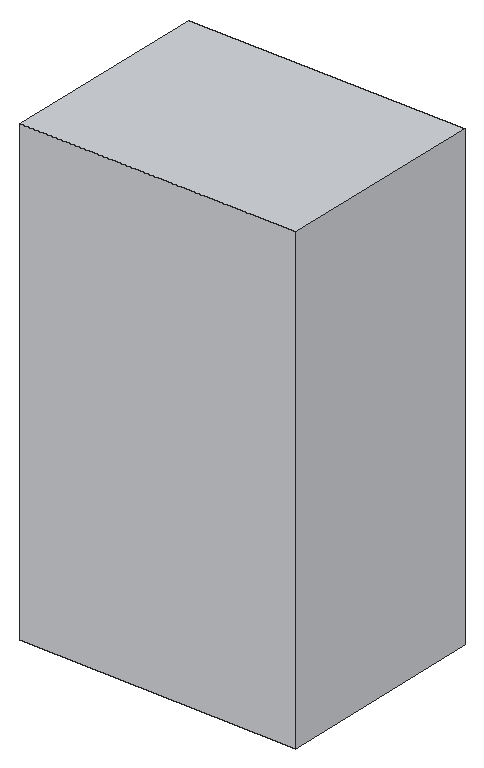
Revit family
Parameters
  Warranty Duration (Years) = 0
  URL = "http://www.americanspecialties.com/viewCategories.cfm"
  Body Material = Metal - Aluminum
  Test Data = ""
  Specification = "http://www.arcat.com/sdspecs/htm/10810asi.htm"
  SpecWizard = ""
  Send Message = "http://www.arcat.com/users.pl?action=UserEmail&company=American%20Specialties,%20Inc.&coid=30448&rep=139&fax=914-476-0688&mf="
  Sales Information = "http://www.americanspecialties.com/contact"
  Revision = "R1_10-2010"
  Product Properties = "http://www.americanspecialties.com/datasheets/0264-1.pdf"
  Product Data = "http://www.arcat.com/arcatcos/cos30/arc30448.html"
  Model = "As Specified in 10 28 13"
  Manufacturer Website = "http://www.americanspecialties.com/viewCategories.cfm"
  Manufacturer Phone - Toll Free = ""
  Manufacturer Phone = "914-476-9000 "
  Manufacturer Fax = "914-476-0688"
  Manufacturer Address = "441 Saw Mill River Rd., Yonkers, NY 10701"
  Manufacturer = "American Specialties, Inc."
  Maintenance Schedule (Months) = 0
  Keynote = "10 28 13"
  Installation-Fabrication = "http://www.americanspecialties.com/products.cfm"
  Green Building-LEED = ""
  Expected Lifespan (Years) = 0
  Drawn By = "Robert S. Weygant. CSI, CDT, SCIP"  # constant formula
  Description = "Toilet Accessory as Specified in 10 28 13"
  Trim Material = Metal - Aluminum
  Default Elevation = 4' - 0"
  Copyright = "©Arcat Inc."
  Construction Details = "http://www.arcat.com/green/clients/leed_data_30448.html"
  Building Codes = "http://www.americanspecialties.com/products.cfm"
  Assembly Code = "C1030210"
Reference planes (in)
  plane 1 "Floor Line": z = 0
  plane 2 "Center (Left/Right)": x = -0.65843
  plane 3: x = -7.15843
  plane 4: x = 5.84157
  plane 5: y = 0.08388
Forms (in)
  Extrusion 1, solid
    sketch origin (-3.65843, -10.3328, -6) x (0, 0, -1) y (1, 0, 0)
      loop
        line (-82, 26) -> (-82, -19.34712) -> (-6, -19.34712) -> (-6, 26) -> (-82, 26)
    from 9 to -25.60721
  Extrusion 2, solid, material "Metal - Aluminum" <- "Body Material"
    sketch origin (-0.65843, -1.25, 0) x (0, 1, 0) y (0, 0, 1)
      loop
        line (1.45888, 0) -> (1.45888, 3.96999)
        arc (1.45888, 3.96999) -> (1.45004, 3.98612) -> (1.43169, 3.98732) r 0.01912
        line (1.43169, 3.98732) -> (1.05702, 3.81261)
        arc (1.05702, 3.81261) -> (1.03196, 3.79139) -> (1.02113, 3.76038) r 0.06243
        line (1.02113, 3.76038) -> (0.81134, 0.76024)
        arc (0.81134, 0.76024) -> (0.64864, 0.44093) -> (0.31408, 0.3125) r 0.5
        line (0.31408, 0.3125) -> (-0.16726, 0.3125)
        arc (-0.16726, 0.3125) -> (-0.25484, 0.27622) -> (-0.29112, 0.18864) r 0.12386
        line (-0.29112, 0.18864) -> (-0.29112, 0) -> (1.45888, 0)
    from -6.5 to 6.5
  Extrusion 3, void
    sketch origin (0, -1.54112, 0) x (1, 0, 0) y (0, 0, 1)
      loop
        line (5.46657, 4) -> (-0.28201, 4) -> (0.14061, 0.99291)
        arc (0.14061, 0.99291) -> (0.30771, 0.68515) -> (0.63574, 0.5625) r 0.5
        line (0.63574, 0.5625) -> (4.54881, 0.5625)
        arc (4.54881, 0.5625) -> (4.87684, 0.68515) -> (5.04395, 0.99291) r 0.5
        line (5.04395, 0.99291) -> (5.46657, 4)
      loop
        line (-6.78343, 4) -> (-6.36082, 0.99291)
        arc (-6.36082, 0.99291) -> (-6.19371, 0.68515) -> (-5.86568, 0.5625) r 0.5
        line (-5.86568, 0.5625) -> (-1.95261, 0.5625)
        arc (-1.95261, 0.5625) -> (-1.62458, 0.68515) -> (-1.45747, 0.99291) r 0.5
        line (-1.45747, 0.99291) -> (-1.03486, 4) -> (-6.78343, 4)
    from -1.75 to -1.06286
  Extrusion 4, void
    sketch origin (-0.25, -1.5, 0) x (1, 0, 0) y (0, 1, 0)
      loop
        line (-6.90843, 0.45888) -> (-7.28343, 0.45888) -> (-7.28343, -0.41612) -> (-6.40843, -0.41612) -> (-6.40843, -0.04112)
        arc (-6.40843, -0.04112) -> (-6.76199, 0.10533) -> (-6.90843, 0.45888) r 0.5
      loop
        arc (6.09157, 0.45888) -> (5.94512, 0.10533) -> (5.59157, -0.04112) r 0.5
        line (5.59157, -0.04112) -> (5.59157, -0.41612) -> (6.46657, -0.41612) -> (6.46657, 0.45888) -> (6.09157, 0.45888)
    from 0 to 0.3125
  Extrusion 5, solid, material "Metal - Aluminum" <- "Body Material"
    sketch origin (-0.85906, -1.13894, -0.29476) x (0, 1, 0) y (0, 0, 1)
      loop
        spline (1.95944, 4) -> (1.92384, 4.19411) -> (1.81948, 4.375) -> (1.65348, 4.53033) -> (1.43713, 4.64952) -> (1.18519, 4.72444) -> (0.91482, 4.75) -> (0.64446, 4.72444) -> (0.39252, 4.64952) -> (0.17617, 4.53033) -> (0.01016, 4.375) -> (-0.0942, 4.19411) -> (-0.12979, 4)
        spline (-0.12979, 4) -> (-0.0942, 3.80589) -> (0.01016, 3.625) -> (0.17617, 3.46967) -> (0.39252, 3.35048) -> (0.64446, 3.27556) -> (0.91482, 3.25) -> (1.18519, 3.27556) -> (1.43713, 3.35048) -> (1.65348, 3.46967) -> (1.81948, 3.625) -> (1.92384, 3.80589) -> (1.95944, 4)
    from -5.42438 to -0.54938
  Revolve 6, solid, material "Metal - Aluminum" <- "Body Material"
    sketch origin (0, 3.59931, 3.70524) x (0, -1, 0) y (1, 0, 0)
      loop
        line (3.51543, -6.78343) -> (3.66895, -6.78343) -> (3.66895, -6.65843) -> (3.71482, -6.65843) -> (3.71482, -6.40843) -> (3.51543, -6.40843) -> (3.51543, -6.78343)
      axis (3.51543, -6.78343) -> (3.51543, -6.40843)
    angle from 0 to 360
  Revolve 7, solid, material "Metal - Aluminum" <- "Body Material"
    sketch origin (-1.31687, 3.59931, 3.70524) x (0, 1, 0) y (-1, 0, 0)
      loop
        line (-3.51543, -6.78343) -> (-3.51543, -6.40843) -> (-3.71482, -6.40843) -> (-3.71482, -6.65843) -> (-3.66895, -6.65843) -> (-3.66895, -6.78343) -> (-3.51543, -6.78343)
      axis (-3.51543, -6.78343) -> (-3.51543, -6.40843)
    angle from 0 to 360
  Extrusion 8, solid, material "Metal - Aluminum" <- "Body Material"
    sketch origin (-0.65843, 5.38295, 2.37135) x (0, 0, 1) y (0, -1, 0)
      loop
        circle (1.3339, 5.29907) r 0.09463
    from 3.50662 to 5.33332
  Extrusion 9, solid, material "Metal - Aluminum" <- "Body Material"
    sketch origin (5.14094, -1.13894, -0.29476) x (0, 1, 0) y (0, 0, 1)
      loop
        line (0.31251, 3.12587) -> (1.79625, 3.12587)
        arc (1.79625, 3.12587) -> (2.04286, 3.19092) -> (2.22531, 3.36914) r 0.5
        arc (2.22531, 3.36914) -> (2.39988, 4.00087) -> (2.22531, 4.6326) r 1.23034
        arc (2.22531, 4.6326) -> (2.04286, 4.81082) -> (1.79625, 4.87587) r 0.5
        line (1.79625, 4.87587) -> (0.31251, 4.87587)
        arc (0.31251, 4.87587) -> (0.0659, 4.81082) -> (-0.11655, 4.6326) r 0.5
        arc (-0.11655, 4.6326) -> (-0.29112, 4.00087) -> (-0.11655, 3.36914) r 1.23034
        arc (-0.11655, 3.36914) -> (0.0659, 3.19092) -> (0.31251, 3.12587) r 0.5
    from -11.54938 to -11.42438
  Extrusion 10, void
    sketch origin (0, 0, 0) x (1, 0, 0) y (0, 1, 0)
      loop
        line (-5.99175, 0.49833) -> (-5.99175, -1.00167) -> (-4.74175, -1.00167) -> (-4.74175, 0.49833) -> (-5.99175, 0.49833)
      loop
        line (-1.99175, -1.00167) -> (-1.99175, 0.49833) -> (-3.24175, 0.49833) -> (-3.24175, -1.00167) -> (-1.99175, -1.00167)
      loop
        line (-4.61675, -1.00167) -> (-3.36675, -1.00167) -> (-3.36675, 0.49833) -> (-4.61675, 0.49833) -> (-4.61675, -1.00167)
    from 2.8311 to 4.5811
  Extrusion 11, void
    sketch origin (-1.31687, 0, 0) x (-1, 0, 0) y (0, -1, 0)
      loop
        line (-5.99175, -0.49833) -> (-4.74175, -0.49833) -> (-4.74175, 1.00167) -> (-5.99175, 1.00167) -> (-5.99175, -0.49833)
      loop
        line (-1.99175, 1.00167) -> (-3.24175, 1.00167) -> (-3.24175, -0.49833) -> (-1.99175, -0.49833) -> (-1.99175, 1.00167)
      loop
        line (-4.61675, 1.00167) -> (-4.61675, -0.49833) -> (-3.36675, -0.49833) -> (-3.36675, 1.00167) -> (-4.61675, 1.00167)
    from 2.8311 to 4.5811
  Extrusion 12, solid, material "Metal - Aluminum" <- "Body Material"
    sketch origin (5.64094, -1.13894, -0.29476) x (0, 1, 0) y (0, 0, 1)
      loop
        spline (1.95944, 4) -> (1.92384, 4.19411) -> (1.81948, 4.375) -> (1.65348, 4.53033) -> (1.43713, 4.64952) -> (1.18519, 4.72444) -> (0.91482, 4.75) -> (0.64446, 4.72444) -> (0.39252, 4.64952) -> (0.17617, 4.53033) -> (0.01016, 4.375) -> (-0.0942, 4.19411) -> (-0.12979, 4)
        spline (-0.12979, 4) -> (-0.0942, 3.80589) -> (0.01016, 3.625) -> (0.17617, 3.46967) -> (0.39252, 3.35048) -> (0.64446, 3.27556) -> (0.91482, 3.25) -> (1.18519, 3.27556) -> (1.43713, 3.35048) -> (1.65348, 3.46967) -> (1.81948, 3.625) -> (1.92384, 3.80589) -> (1.95944, 4)
    from -5.42438 to -0.54938
  Extrusion 13, solid, material "Metal - Aluminum" <- "Body Material"
    sketch origin (11.64094, -1.13894, -0.29476) x (0, 1, 0) y (0, 0, 1)
      loop
        line (0.31251, 3.12587) -> (1.79625, 3.12587)
        arc (1.79625, 3.12587) -> (2.04286, 3.19092) -> (2.22531, 3.36914) r 0.5
        arc (2.22531, 3.36914) -> (2.39988, 4.00087) -> (2.22531, 4.6326) r 1.23034
        arc (2.22531, 4.6326) -> (2.04286, 4.81082) -> (1.79625, 4.87587) r 0.5
        line (1.79625, 4.87587) -> (0.31251, 4.87587)
        arc (0.31251, 4.87587) -> (0.0659, 4.81082) -> (-0.11655, 4.6326) r 0.5
        arc (-0.11655, 4.6326) -> (-0.29112, 4.00087) -> (-0.11655, 3.36914) r 1.23034
        arc (-0.11655, 3.36914) -> (0.0659, 3.19092) -> (0.31251, 3.12587) r 0.5
    from -11.54938 to -11.42438
  Extrusion 14, solid, material "Metal - Aluminum" <- "Body Material"
    sketch origin (-7.32507, 5.38295, 2.37135) x (0, 0, 1) y (0, -1, 0)
      loop
        circle (1.3339, 5.29907) r 0.09463
    from 3.56483 to 6.35204
  Extrusion 15, solid, material "Metal - Aluminum" <- "Body Material"
    sketch origin (-9.68733, 5.38295, 2.37135) x (0, 0, 1) y (0, -1, 0)
      loop
        circle (1.3339, 5.29907) r 0.09463
    from 3.69558 to 5.14775
  Extrusion 16, solid, material "Metal - Aluminum" <- "Body Material"
    sketch origin (-3.0207, 5.38295, 2.37135) x (0, 0, 1) y (0, -1, 0)
      loop
        circle (1.3339, 5.29907) r 0.09463
    from 2.67015 to 5.14775
Cuts and joins
  Extrusion 3, Extrusion 4, Extrusion 10, Extrusion 11 cuts Extrusion 2
  Extrusion 10, Extrusion 11 cuts Extrusion 5
  Extrusion 11 cuts Extrusion 12
Dimensions and locks (in)
  aligned and locked: Extrusion 2 to plane 3
  aligned and locked: plane 4 to Extrusion 2
  aligned and locked: Extrusion 3 to Extrusion 2
  aligned and locked: Extrusion 4 to Extrusion 2
  aligned and locked: Extrusion 4 to level
  aligned and locked: Revolve 6 sketch curve to Revolve 6 sketch curve
  aligned and locked: Revolve 7 sketch curve to Revolve 7 sketch curve
  aligned and locked: Extrusion 9 to Revolve 6
  aligned and locked: Extrusion 9 to cut or joined group of Extrusion 5, Extrusion 10, Extrusion 11
